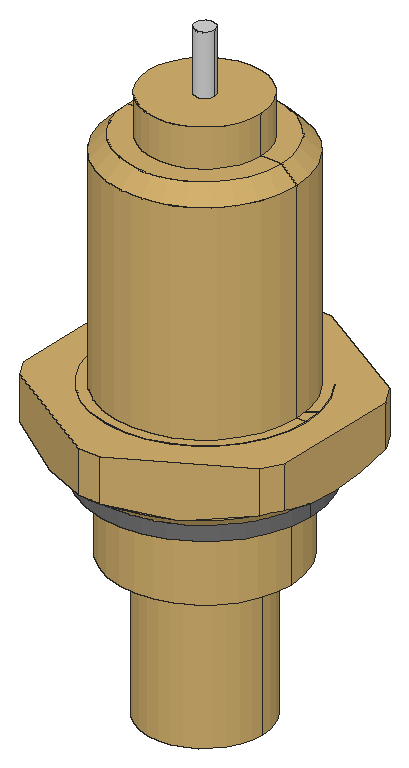
Revit family "Adapter_TWA_RFA", category Pipe Accessories, Revit 2017
Family settings
  Round Connector Dimension = Use Diameter
  Part Type = Normal
  Work Plane-Based = No
  Always vertical = Yes
  Cut with Voids When Loaded = No
  Shared = No
Parameters (values of type "Adapter_TWA_003Z1022")
  Valve Body Material = Danfoss Brass
  URL = "https://store.danfoss.com/en/Climate-Solutions-for-heating/Hydronic-Balancing-and-Control/Hot-water-balancing/Hot-water-balancing-accessories/Adapter-for-thermo-actuator-%28module-C%29/p/003Z1022"
  Model Type = "Adapter_TWA"
  Model = "003Z1022"
  Manufacturer = "Danfoss"  # constant formula
  LOD 350 = not(LOD 200)  # yes
  LOD 200 = no
  D1 = 27 mm
Reference planes
  plane 1 "Center (Front/Back)": y = 0
  plane 2: z = 0
  plane 3 "Center (Left/Right)": x = 0
  plane 4: z = 8.6
  plane 5: z = 31.65
  plane 6: z = 35.5
  plane 7: z = 41.6
Forms (mm)
  Revolve 1, solid, material "Danfoss Brass" <- "Valve Body Material"
    sketch origin (0, 0, 0) x (1, 0, 0) y (0, 0, 1)
      loop
        line (0, 0) -> (-9, 0) -> (-9, -7) -> (-6, -7) -> (-6, -22) -> (0, -22) -> (0, 0)
      axis (0, 0) -> (0, -22)
    angle from 0 to 360
  Extrusion 2, solid, material "Danfoss Brass" <- "Valve Body Material", visible <- "LOD 350"
    sketch origin (0, 0, 0) x (1, 0, 0) y (0, 1, 0)
      loop
        line (-13.5, 7.794) -> (-13.5, -7.794) -> (0, -15.588) -> (13.5, -7.794) -> (13.5, 7.794) -> (0, 15.588) -> (-13.5, 7.794)
    from 1.5 to 8.6
  Extrusion 3, void
    sketch origin (0, 0, 0) x (1, 0, 0) y (0, 1, 0)
      loop
        circle (0, 0) r 15
      loop
        circle (0, 0) r 25
    from 1.5 to 8.6
  Extrusion 4, solid, material "Danfoss Brass" <- "Valve Body Material", visible <- "LOD 200"
    sketch origin (0, 0, 0) x (1, 0, 0) y (0, 1, 0)
      loop
        circle (0, 0) r 10
    from 8.6 to 31.65
  Extrusion 5, solid, material "Danfoss Rubber Black"
    sketch origin (0, 0, 0) x (1, 0, 0) y (0, 1, 0)
      loop
        circle (0, 0) r 11
    from 0 to 1.5
  Revolve 6, void
    sketch origin (0, 0, 0) x (1, 0, 0) y (0, 0, 1)
      loop
        line (-11, 1.5) -> (-20, 7.802) -> (-20, 0) -> (-11, 0) -> (-11, 1.5)
      axis (0, 7.802) -> (0, 0)
    angle from 0 to 360
  Extrusion 7, solid, material "Danfoss Brass" <- "Valve Body Material", visible <- "LOD 200"
    sketch origin (0, 0, 0) x (1, 0, 0) y (0, 1, 0)
      loop
        circle (0, 0) r 15
    from 1.5 to 8.6
  Extrusion 8, solid, material "Danfoss Brass" <- "Valve Body Material"
    sketch origin (0, 0, 0) x (1, 0, 0) y (0, 1, 0)
      loop
        circle (0, 0) r 5.8
    from 31.65 to 35.5
  Extrusion 9, solid, material "Danfoss Steel Zinc Plated"
    sketch origin (0, 0, 0) x (1, 0, 0) y (0, 1, 0)
      loop
        circle (0, 0) r 1
    from 35.5 to 41.6
  Revolve 10, solid, material "Danfoss Brass" <- "Valve Body Material", visible <- "LOD 350"
    sketch origin (0, 0, 0) x (1, 0, 0) y (0, 0, 1)
      loop
        line (0, 31.65) -> (-7.974, 31.65) -> (-9.5, 30.124) -> (-9.5, 8.6) -> (-10.5, 8.6) -> (-10.5, 0) -> (0, 0) -> (0, 31.65)
      axis (0, 31.65) -> (0, 0)
    angle from 0 to 360
Cuts and joins
  Extrusion 3 cuts Revolve 1
  Extrusion 3, Revolve 6 cuts Extrusion 2
Dimensions and locks
  equal spacing: Extrusion 2 sketch curve, plane 3 "Center (Left/Right)", Extrusion 2 sketch curve  (x3)
  "D1": Extrusion 2 sketch curve to Extrusion 2 sketch curve  (x3)
  locked: plane 4 to plane 2 at 8.6
  locked: plane 3 "Center (Left/Right)" to Revolve 1 sketch curve at 9
  locked: plane 3 "Center (Left/Right)" to Revolve 1 sketch curve at 6
  locked: plane 2 to Revolve 1 sketch curve at 7
  locked: Revolve 1 sketch curve to Revolve 1 sketch curve at 15
  locked: plane 3 "Center (Left/Right)" to Revolve 6 sketch curve at 20
  locked: plane 3 "Center (Left/Right)" to Revolve 6 sketch curve at 11
  locked: plane 5 to plane 2 at 31.65
  locked: plane 6 to plane 5 at 3.85
  locked: plane 7 to plane 2 at 41.6
  locked: plane 3 "Center (Left/Right)" to Revolve 10 sketch curve at 9.5
  locked: plane 3 "Center (Left/Right)" to Revolve 10 sketch curve at 10.5
  diameter of Extrusion 3 sketch curve = 30 mm
  diameter of Extrusion 3 sketch curve = 50 mm
  diameter of Extrusion 4 sketch curve = 20 mm
  diameter of Extrusion 5 sketch curve = 22 mm
  diameter of Extrusion 7 sketch curve = 30 mm
  diameter of Extrusion 8 sketch curve = 11.6 mm
  diameter of Extrusion 9 sketch curve = 2 mm
  angle Extrusion 2 sketch curve to Extrusion 2 sketch curve = 120.00°  (x3)
  angle Revolve 6 sketch curve to Revolve 6 sketch curve = 35.00°
  angle Revolve 10 sketch curve to Revolve 10 sketch curve = 135.00°
  aligned and locked: level to plane 2
  aligned and locked: Revolve 1 sketch curve to plane 3 "Center (Left/Right)"
  aligned and locked: Revolve 1 sketch curve to Revolve 1 sketch curve
  aligned and locked: plane 4 to Extrusion 2
  aligned and locked: plane 4 to Extrusion 3
  aligned and locked: cut or joined group of Extrusion 2, Extrusion 3, Revolve 6 to Revolve 6 sketch curve
  aligned and locked: Revolve 6 sketch curve to plane 3 "Center (Left/Right)"
  aligned and locked: Revolve 6 sketch curve to level
  aligned and locked: Extrusion 4 to plane 4
  aligned and locked: plane 4 to Extrusion 7
  aligned and locked: Extrusion 7 to cut or joined group of Extrusion 2, Extrusion 3, Revolve 6
  aligned and locked: Extrusion 5 to cut or joined group of Extrusion 2, Extrusion 3, Revolve 6
  aligned and locked: plane 6 to Extrusion 8
  aligned and locked: Extrusion 9 to Extrusion 8
  aligned and locked: plane 7 to Extrusion 9
  aligned and locked: Revolve 10 sketch curve to Revolve 10 sketch curve  (x2)
  aligned and locked: Revolve 1 sketch curve to plane 2
Automatic sketch dimensions
  Revolve 1 sketch curve to Revolve 1 sketch curve = 5 mm
  Extrusion 3 sketch curve to Extrusion 3 sketch curve = 0 mm  (x2)
  plane 1 "Center (Front/Back)" to Extrusion 3 sketch curve = 0 mm
  Extrusion 3 sketch curve to plane 3 "Center (Left/Right)" = 0 mm
  plane 1 "Center (Front/Back)" to Extrusion 4 sketch curve = 0 mm
  Extrusion 4 sketch curve to plane 3 "Center (Left/Right)" = 0 mm
  plane 1 "Center (Front/Back)" to Extrusion 5 sketch curve = 0 mm
  Extrusion 5 sketch curve to plane 3 "Center (Left/Right)" = 0 mm
  Revolve 6 sketch curve to Revolve 6 sketch curve = 1.5 mm
  level to Revolve 6 sketch curve = 1.5 mm
  plane 1 "Center (Front/Back)" to Extrusion 7 sketch curve = 0 mm
  Extrusion 7 sketch curve to plane 3 "Center (Left/Right)" = 0 mm
  plane 1 "Center (Front/Back)" to Extrusion 8 sketch curve = 0 mm
  Extrusion 8 sketch curve to plane 3 "Center (Left/Right)" = 0 mm
  plane 1 "Center (Front/Back)" to Extrusion 9 sketch curve = 0 mm
  Extrusion 9 sketch curve to plane 3 "Center (Left/Right)" = 0 mm
  Revolve 10 sketch curve to level = 0 mm
  Revolve 10 sketch curve to plane 4 = 0 mm
  Revolve 10 sketch curve to plane 5 = 0 mm
  Revolve 10 sketch curve to Revolve 10 sketch curve = 1.526 mm
  Revolve 10 sketch curve to Revolve 10 sketch curve = 0 mm
  Revolve 10 sketch curve to plane 3 "Center (Left/Right)" = 0 mm
  Revolve 1 sketch curve to plane 5 = 31.65 mm
